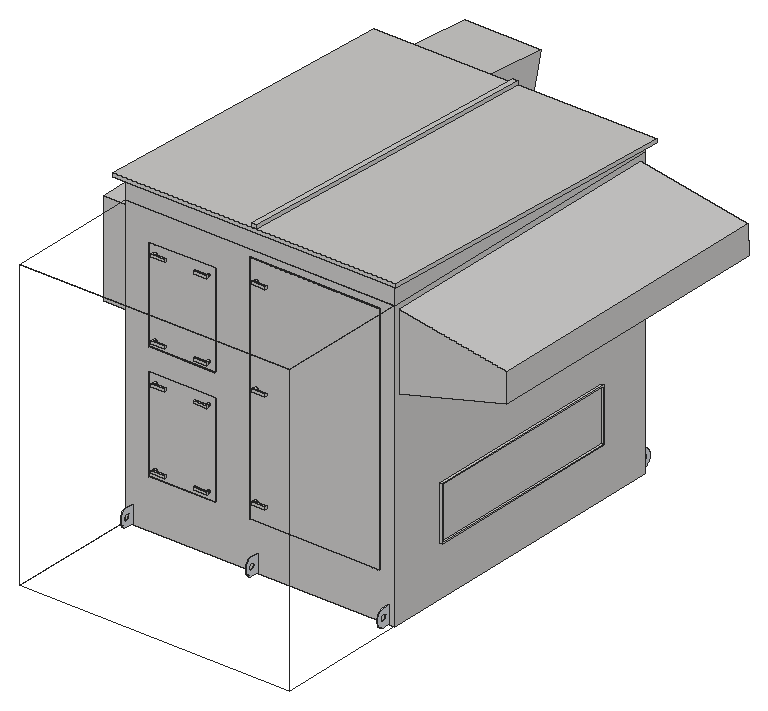
Revit family "DN-5XRT-2FP-ERV", category Mechanical Equipment, Revit 2016
Family settings
  Part Type = Normal
  Round Connector Dimension = Use Diameter
  Work Plane-Based = No
  Always vertical = Yes
  Cut with Voids When Loaded = No
  Shared = No
  Room Calculation Point = No
Parameters (values of type "4@2.70 kW 200-240V")
  Voltage = "200-240V"
  Unit Weight (lbs) = "3100-3500 lbs."
  Unit Dimension (L x W x H) = "123-1/2\" x 124-3/4\" x 94-1/8\""
  Unit = Renewaire - Galvanized Steel
  URL = "www.renewaire.com"
  Typical Airflow Range = "1,125-4,950 CFM"
  Standard Features = "EC Motors for both airstreams, Direct drive backward inclined plenum, Higher ESP of up to 3\" w.g. at 4,500 CFM, Integrated programmable controls, True 100% face and bypass enthalpy based modulating economizer, Class 1 low leakage motorized isolation dampers, 1\" Double wall foam injected 20 gauge galvanized panel construction with R6.5 insulation"
  Shipping Dimensions (L x W x H) = "100\" x 101-1/2\" x 100\""
  Service Area Visibility = yes
  Service Area Box = Renewaire - Interference
  Revit Object Download Link = ""
  Phase = 3
  Options = "Onboard variable frequency drives (VFDs) - both airstreams, Fused disconnect, Spring isolators (VFDs only), 2\" Double wall foam injected 20 gauge galvanized panel construction with R13 insulation, Exterior paint - grey, white, custom color, Salt spray - 2500 hours, BACNET factory activation, GFCI convenience outlet, Recirculation damper, Mist Eliminator"
  Number Motors = "Qty. 4, Direct drive motorized impeller packages"
  Model = "DN-5XRT-2FP-ERV"
  Minimum Circuit Amps = "36.6 A"
  Maximum Overcurrent Protection = "45 A"
  Max. Shipping Weight (lbs) = "3350-3750 lbs."
  Manufacturer = "Renewaire LLC"
  Inlets/Outlets [instance] = "OA & RA Inlets: 60\" x 16\", SA Outlet: 24\" x 16\", EA Outlet: 20\" x 32\""
  Frequency = "50/60 Hz"
  Filters [instance] = "Total qty. 10, MERV 8: 16\" x 20\" x 2\""
  FLA per Motor = "8.6-7.2"
  Energy Recovery Type = "Static plate total energy transfer"
  Description = "Energy Recovery Ventilator"
  Bypass Filters [instance] = "Total qty. 4, MERV 8: 16\" x 20\" x 2\""
  Accessories = "Filters - MERV 13, 2\"  and 4\" (shipped loose), MERV 14, 2\" and 4\" (shipped loose), Additional filters available upon request, Roof curb - standard 14\", Hurricane or seismic rated curbs, Curb clip kit, Carbon dioxide sensor/control - wall mount (CO2-W), duct mount (CO2-D), IAQ sensor - wall mount (IAQ-W), duct mount (IAQ-D), Motion occupancy sensor/control - ceiling mount (MC-C), wall mount (MC-W), Smoke detector, Room temperature and humidity sensor, Duct static pressure sensor with display to 10\", without display 0-2\", Room pressure sensor with display to 1\", without display 0-1\", Remote display"
  AHRI 1060 Certified Core = "One L-62-G5 and four L-125-G5"
Types (6): name | Voltage | Minimum Circuit Amps | Maximum Overcurrent Protection | FLA per Motor
  (no name) | "200-240V" | "36.6 A" | "45 A" | "8.6-7.2"
  4@2.70 kW 200-240V | "200-240V" | "36.6 A" | "45 A" | "8.6-7.2"
  4@3.70 kW 380-480V | "380-480V" | "25.5 A" | "30 A" | "6.0-4.6"
  4@5HP 208-230V | "208-230V" | "59.1 A" | "70 A" | "13.9-13.4/6.7"
  4@5HP 460V | "460V" | "28.5 A" | "35 A" | "6.7"
  4@5HP 575V | "575V" | "22.5 A" | "25 A" | "5.3"
Reference planes (in)
  plane 1 "Center (Front/Back)": y = 0
  plane 2: z = 0
  plane 3 "Center (Left/Right)": x = 0
  plane 4: x = -80
Forms (in)
  Extrusion 1, solid, material "Renewaire - Galvanized Steel" <- "Unit"
    sketch origin (0, 0, 0) x (1, 0, 0) y (0, 1, 0)
      loop
        line (-80, 46.5) -> (-80, -46.38324) -> (0, -46.38324) -> (0, 46.5) -> (-80, 46.5)
    from 0 to 85.625
  Extrusion 2, void
    sketch origin (0, 0, 0) x (1, 0, 0) y (0, 0, 1)
      loop
        line (-73.14754, 76.82399) -> (-73.14754, 48.824) -> (-53.14754, 48.824) -> (-53.14754, 76.82399) -> (-73.14754, 76.82399)
      loop
        line (-43.1125, 83.57398) -> (-43.1125, 13.57398) -> (-4.11251, 13.57398) -> (-4.11251, 83.57398) -> (-43.1125, 83.57398)
      loop
        line (-73.14754, 42.32399) -> (-73.14754, 14.32399) -> (-53.14754, 14.32399) -> (-53.14754, 42.32399) -> (-73.14754, 42.32399)
    from 45.5 to 47.07986
  Extrusion 3, void
    sketch origin (0, 0, 0) x (1, 0, 0) y (0, 1, 0)
      loop
        line (-78, 44.61676) -> (-78, -44.38324) -> (-2, -44.38324) -> (-2, 44.61676) -> (-78, 44.61676)
    from -3 to 5.699
  Extrusion 4, void
    sketch origin (0, 0, 0) x (1, 0, 0) y (0, 1, 0)
      loop
        line (-74.57315, 12.11675) -> (-74.57315, -11.88325) -> (-58.57315, -11.88325) -> (-58.57315, 12.11675) -> (-74.57315, 12.11675)
      loop
        line (-22.1125, 30.11677) -> (-22.1125, -29.88323) -> (-6.1125, -29.88323) -> (-6.1125, 30.11677) -> (-22.1125, 30.11677)
    from 4.75 to 6.699
  Extrusion 5, solid, material "Renewaire - Galvanized Steel" <- "Unit"
    sketch origin (0, 0, 1) x (0, 1, 0) y (0, 0, 1)
      loop
        line (12.11677, 33.30845) -> (-11.88323, 33.30845) -> (-11.88323, 17.30844) -> (12.11677, 17.30844) -> (12.11677, 33.30845)
      loop
        line (11.99177, 33.18345) -> (-11.75823, 33.18345) -> (-11.75823, 17.43344) -> (11.99177, 17.43344) -> (11.99177, 33.18345)
    from -81 to -80
  Extrusion 6, solid, material "Renewaire - Galvanized Steel" <- "Unit"
    sketch origin (0, 0, 1) x (0, 1, 0) y (0, 0, 1)
      loop
        line (-29.87714, 30.29275) -> (-29.87714, 14.29275) -> (30.12286, 14.29275) -> (30.12286, 30.29275) -> (-29.87714, 30.29275)
      loop
        line (-29.75214, 30.16775) -> (-29.75214, 14.41775) -> (29.99786, 14.41775) -> (29.99786, 30.16775) -> (-29.75214, 30.16775)
    from 0 to 1
  Extrusion 7, solid, material "Renewaire - Galvanized Steel" <- "Unit"
    sketch origin (0, 0, 0) x (1, 0, 0) y (0, 0, 1)
      loop
        line (-72.89753, 76.82401) -> (-72.89753, 49.22401) -> (-53.29756, 49.22401) -> (-53.29756, 76.82401) -> (-72.89753, 76.82401)
      loop
        line (-72.89754, 42.32401) -> (-72.89754, 14.634) -> (-53.29754, 14.634) -> (-53.29754, 42.32401) -> (-72.89754, 42.32401)
      loop
        line (-42.8625, 13.82398) -> (-4.36251, 13.82398) -> (-4.36251, 83.32398) -> (-42.8625, 83.32398) -> (-42.8625, 13.82398)
    from 45.5 to 46.38324
  Extrusion 8, solid, material "Renewaire - Interference" <- "Service Area Box", visible <- "Service Area Visibility"
    sketch origin (0, 0, 0) x (1, 0, 0) y (0, 1, 0)
      loop
        line (-80, -46.38324) -> (-80, -85.5) -> (0, -85.5) -> (0, -46.38324) -> (-80, -46.38324)
    from 0 to 85.625
  Extrusion 9, solid, material "Renewaire - Galvanized Steel" <- "Unit"
    sketch origin (0, 0, 0) x (1, 0, 0) y (0, 0, 1)
      loop
        line (0, 84.15518) -> (0, 61.47937) -> (32.11703, 70.0851) -> (32.11703, 78.49208) -> (0, 84.15518)
    from -44.7985 to 44.79848
  Extrusion 10, solid, material "Renewaire - Galvanized Steel" <- "Unit"
    sketch origin (0, 0, 0) x (0, 1, 0) y (0, 0, 1)
      loop
        line (46.49998, 84.66539) -> (46.49998, 48.56516) -> (66.93162, 56.04337) -> (74.10032, 82.203) -> (46.49998, 84.66539)
    from -75.49335 to -52.94936
  Extrusion 11, solid, material "Renewaire - Galvanized Steel" <- "Unit"
    sketch origin (0, 0, 0) x (0, 1, 0) y (0, 0, 1)
      loop
        line (48.48898, 88.92286) -> (-48.48124, 93.09645) -> (-48.52424, 92.09738) -> (48.44598, 87.92379) -> (48.48898, 88.92286)
    from -82 to 2
  Extrusion 12, solid, material "Renewaire - Galvanized Steel" <- "Unit"
    sketch origin (0, 0, 0) x (0, 1, 0) y (0, 0, 1)
      loop
        line (-46.38324, 92.00523) -> (-46.38324, 85.625) -> (46.5, 85.625) -> (46.5, 88.00755) -> (-46.38324, 92.00523)
    from -80 to 0
  Extrusion 13, solid, material "Renewaire - Galvanized Steel" <- "Unit"
    sketch origin (0, 0, 0) x (0, 1, 0) y (0, 0, 1)
      loop
        line (48.53198, 89.92194) -> (-48.43824, 94.09553) -> (-48.48124, 93.09645) -> (48.48898, 88.92286) -> (48.53198, 89.92194)
    from -40.80093 to -39.30587
  Extrusion 14, solid, material "Renewaire - Galvanized Steel" <- "Unit"
    sketch origin (0, 0, 0) x (1, 0, 0) y (0, 1, 0)
      loop
        line (-80, -41.38324) -> (-80, -21.13324) -> (-90.625, -21.13324) -> (-90.625, -41.38324) -> (-80, -41.38324)
    from 52.75 to 80.875
Cuts and joins
  Extrusion 2, Extrusion 3, Extrusion 4 cuts Extrusion 1
Dimensions and locks (in)
  aligned and locked: plane 2 to level
Nested families (in)
  nested 1: "Handle" at (-41.11251, -46.38324, 19), type "Handle"
    with Right Handle yes, Left Handle no, Flip no
  nested 2: "Handle" at (-41.11251, -46.38324, 77.67027), type "Handle"
    with Right Handle yes, Left Handle no, Flip no
  nested 3: "Handle" at (-41.11251, -46.38324, 49), type "Handle"
    with Right Handle yes, Left Handle no, Flip no
  nested 4: "Handle" at (-71.07253, -46.38324, 74.37401), type "Handle"
    with Right Handle yes, Left Handle no, Flip no
  nested 5: "Handle" at (-71.07253, -46.38324, 51.274), type "Handle"
    with Right Handle yes, Left Handle no, Flip no
  nested 6: "Handle" at (-55.22256, -46.38324, 74.37401), type "Handle"
    with Right Handle no, Left Handle yes, Flip yes
  nested 7: "Handle" at (-55.22256, -46.38324, 51.274), type "Handle"
    with Right Handle no, Left Handle yes, Flip yes
  nested 8: "Handle" at (-71.07253, -46.38324, 39.87401), type "Handle"
    with Right Handle yes, Left Handle no, Flip no
  nested 9: "Handle" at (-71.07253, -46.38324, 16.77401), type "Handle"
    with Right Handle yes, Left Handle no, Flip no
  nested 10: "Handle" at (-55.22256, -46.38324, 39.87401), type "Handle"
    with Right Handle no, Left Handle yes, Flip yes
  nested 11: "Handle" at (-55.22256, -46.38324, 16.77401), type "Handle"
    with Right Handle no, Left Handle yes, Flip yes
  nested 12: "Lifting Lug" at (-78, 46.5, 0) x (0, 1, 0) z (0, 0, 1), Material <- "Unit", type "Lifting Lug"
    with Material Renewaire - Galvanized Steel
  nested 13: "Lifting Lug" at (-1.75, 46.5, 0) x (0, 1, 0) z (0, 0, 1), Material <- "Unit", type "Lifting Lug"
    with Material Renewaire - Galvanized Steel
  nested 14: "Lifting Lug" at (-40.80093, 46.5, 0) x (0, 1, 0) z (0, 0, 1), Material <- "Unit", type "Lifting Lug"
    with Material Renewaire - Galvanized Steel
  nested 15: "Lifting Lug" at (-78, -46.38324, 0) x (0, -1, 0) z (0, 0, 1), Material <- "Unit", type "Lifting Lug"
    with Material Renewaire - Galvanized Steel
  nested 16: "Lifting Lug" at (-1.75, -46.38324, 0) x (0, -1, 0) z (0, 0, 1), Material <- "Unit", type "Lifting Lug"
    with Material Renewaire - Galvanized Steel
  nested 17: "Lifting Lug" at (-40.80093, -46.38324, 0) x (0, -1, 0) z (0, 0, 1), Material <- "Unit", type "Lifting Lug"
    with Material Renewaire - Galvanized Steel
Connectors (in)
  hvac at (1, 0.12286, 23.29275)
    settings: on Extrusion 6, index 1, duct flow 0 CFM, flow factor 0, pres drop 0.00 in-wg, loss coef 0, conn angle 0.00°, conn width 60", conn height 16", conn diameter 24", duct sys type 2, conn prof type 1, flow config 0, flow direction 1, loss method 0, conn ref index -1, conn util no, is conn primary yes, conn desc "Return Air (RA)"
  hvac at (-81, 0.11677, 26.30845)
    settings: on Extrusion 5, index 6, duct flow 0 CFM, flow factor 0, pres drop 0.00 in-wg, loss coef 0, conn angle 0.00°, conn width 24", conn height 16", conn diameter 24", duct sys type 1, conn prof type 1, flow config 0, flow direction 2, loss method 0, conn ref index -1, conn util no, is conn primary no, conn desc "Supply Air (SA)"
  hvac at (-14.1125, 0.11677, 6.699)
    settings: on cut or joined group of Extrusion 1, Extrusion 2, Extrusion 3, Extrusion 4, index 9, duct flow 0 CFM, flow factor 0, pres drop 0.00 in-wg, loss coef 0, conn angle 0.00°, conn width 60", conn height 16", conn diameter 24", duct sys type 2, conn prof type 1, flow config 0, flow direction 1, loss method 0, conn ref index -1, conn util no, is conn primary no, conn desc "Return Air (RA)"
  hvac at (-66.57315, 0.11675, 6.699)
    settings: on cut or joined group of Extrusion 1, Extrusion 2, Extrusion 3, Extrusion 4, index 10, duct flow 0 CFM, flow factor 0, pres drop 0.00 in-wg, loss coef 0, conn angle 0.00°, conn width 24", conn height 16", conn diameter 24", duct sys type 1, conn prof type 1, flow config 0, flow direction 2, loss method 0, conn ref index -1, conn util no, is conn primary no, conn desc "Supply Air (SA)"
Definition of nested family "Handle"
  Parameters (values of type "Handle")
    Right Handle [instance] = not(Flip)  # no
    Material = none
    Left Handle [instance] = Flip  # yes
    Flip [instance] = yes
  Reference planes (in)
    plane 1 "Center (Front/Back)": y = 0
    plane 2: z = 0
    plane 3 "Center (Left/Right)": x = 0
  Forms (in)
    Extrusion 1, solid, material <- "Material"
      sketch origin (0, 0, 0) x (1, 0, 0) y (0, 0, 1)
        loop
          circle (0, 0) r 0.375
      from 0 to 0.75
    Extrusion 2, solid, material <- "Material", visible <- "Right Handle"
      sketch origin (0, 0, 0) x (1, 0, 0) y (0, 1, 0)
        loop
          line (-0.375, -0.75) -> (-0.375, -1.25) -> (3.625, -1.25) -> (3.625, -0.75) -> (-0.375, -0.75)
      from -0.375 to 0.375
    Extrusion 3, solid, material <- "Material", visible <- "Left Handle"
      sketch origin (-3.25, 0, 0) x (1, 0, 0) y (0, 1, 0)
        loop
          line (-0.375, -0.75) -> (-0.375, -1.25) -> (3.625, -1.25) -> (3.625, -0.75) -> (-0.375, -0.75)
      from -0.375 to 0.375
  Dimensions and locks (in)
    aligned and locked: plane 2 to level
Definition of nested family "Lifting Lug"
  Parameters (values of type "Lifting Lug")
    Material [instance] = none
  Reference planes (in)
    plane 1 "Center (Front/Back)": y = 0
    plane 2: z = 0
    plane 3 "Center (Left/Right)": x = 0
  Forms (in)
    Extrusion 1, solid
      sketch origin (0, 0, 0) x (1, 0, 0) y (0, 0, 1)
        loop
          line (0, 0.1875) -> (2, 0.1875)
          arc (2, 0.1875) -> (3.41421, 0.77329) -> (4, 2.1875) r 2
          line (4, 2.1875) -> (4, 3.1875)
          arc (4, 3.1875) -> (3.41421, 4.60171) -> (2, 5.1875) r 2
          line (2, 5.1875) -> (0, 5.1875) -> (0, 0.1875)
        loop
          circle (2.125, 2.6875) r 1
      from 0 to 0.25
  Dimensions and locks (in)
    aligned and locked: plane 2 to level
